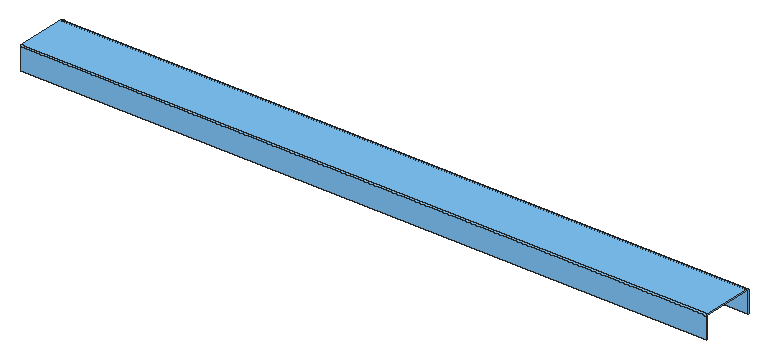
Revit family "U BEAM", category Structural Framing, Revit 2020
Family settings
  Structural Framing Length Roundoff = 0.00 mm
  Section Shape = Not Defined
  Material for Model Behavior = Steel
  Always export as geometry = No
  OmniClass Number = 23.25.30.11.14.14
  OmniClass Title = Beams
  Always vertical = Yes
  Cut with Voids When Loaded = No
  Symbolic Representation = From Project Settings
  Shared = No
  Show family pre-cut in plan views = Yes
Parameters (values of type "44")
  t1 = 1.20 mm
  W = 0
  Structural Material [instance] = Metal - Light Gauge BLUE
  D = 40.00 mm
  B = 93.00 mm
  Assembly Code = "B10"
  Length [instance] = 1524.00 mm
  A = 0.00 in²
Types (86, lengths in mm): name | D | B
  33 | 40.00 | 93.00
  52 | 40.00 | 93.00
  53 | 40.00 | 93.00
  54 | 40.00 | 93.00
  55 | 40.00 | 93.00
  56 | 40.00 | 93.00
  57 | 40.00 | 93.00
  58 | 40.00 | 93.00
  59 | 40.00 | 93.00
  60 | 40.00 | 93.00
  61 | 40.00 | 93.00
  62 | 40.00 | 93.00
  63 | 40.00 | 93.00
  45 | 40.00 | 93.00
  46 | 40.00 | 93.00
  47 | 40.00 | 93.00
  68 | 56.00 | 153.00
  70 | 56.00 | 153.00
  73 | 56.00 | 153.00
  76 | 56.00 | 153.00
  79 | 56.00 | 153.00
  78 | 56.00 | 153.00
  10 | 40.00 | 93.00
  11 | 40.00 | 93.00
  40 | 40.00 | 93.00
  41 | 40.00 | 93.00
  65 | 40.00 | 93.00
  48 | 40.00 | 93.00
  49 | 40.00 | 93.00
  50 | 40.00 | 93.00
  51 | 40.00 | 93.00
  12 | 40.00 | 93.00
  69 | 56.00 | 153.00
  75 | 56.00 | 153.00
  1 | 56.00 | 153.00
  3 | 40.00 | 93.00
  15 | 40.00 | 93.00
  22 | 40.00 | 93.00
  23 | 40.00 | 93.00
  43 | 40.00 | 93.00
  81 | 40.00 | 93.00
  83 | 40.00 | 93.00
  66 | 56.00 | 153.00
  67 | 56.00 | 153.00
  72 | 56.00 | 153.00
  74 | 56.00 | 153.00
  71 | 56.00 | 153.00
  77 | 56.00 | 153.00
  7 | 40.00 | 93.00
  8 | 40.00 | 93.00
  9 | 40.00 | 93.00
  16 | 40.00 | 93.00
  21 | 40.00 | 93.00
  42 | 40.00 | 93.00
  82 | 40.00 | 93.00
  86 | 40.00 | 93.00
  18 | 40.00 | 93.00
  19 | 40.00 | 93.00
  20 | 40.00 | 93.00
  26 | 40.00 | 93.00
  27 | 40.00 | 93.00
  28 | 40.00 | 93.00
  29 | 40.00 | 93.00
  30 | 40.00 | 93.00
  31 | 40.00 | 93.00
  32 | 40.00 | 93.00
  34 | 40.00 | 93.00
  35 | 40.00 | 93.00
  36 | 40.00 | 93.00
  37 | 40.00 | 93.00
  38 | 40.00 | 93.00
  64 | 40.00 | 93.00
  2 | 70.00 | 153.00
  13 | 40.00 | 93.00
  24 | 40.00 | 93.00
  25 | 40.00 | 93.00
  80 | 40.00 | 93.00
  84 | 40.00 | 93.00
  39 | 40.00 | 93.00
  4 | 40.00 | 93.00
  5 | 40.00 | 93.00
  6 | 40.00 | 93.00
  14 | 40.00 | 93.00
  17 | 40.00 | 93.00
  85 | 40.00 | 93.00
  44 | 40.00 | 93.00
Reference planes
  plane 1 "Center (Front/Back)": y = 0
  plane 2: z = 0
  plane 3 "Center (Left/Right)": x = 0.008
  plane 4 "Member Left": x = -604.99
  plane 5 "Member Right": x = 614.21
  plane 6 "Top": z = 40
  plane 7 "Left": x = -731.99
  plane 8 "Right": x = 792.01
  plane 9: y = -46.5
  plane 10: y = 46.5
Forms (mm)
  Sweep 1, solid, material "Metal - Light Gauge BLUE" <- "Structural Material", detail levels medium
    path origin (0, 34.147, 40) x (0, -1, 0) y (1, 0, 0)
      loop
        line (0.016, 614.21) -> (0.016, -604.99)
    profile origin (4.61, 34.131, 40) x (0, -1, 0) y (0, 0, 1)
      loop
        line (-12.369, -40) -> (-11.169, -40) -> (-11.169, -1.2) -> (79.431, -1.2) -> (79.431, -40) -> (80.631, -40) -> (80.631, 0) -> (-12.369, 0) -> (-12.369, -40)
  Sweep 2, solid, material "Metal - Light Gauge BLUE" <- "Structural Material", detail levels fine
    path origin (0, 34.147, 40) x (0, -1, 0) y (1, 0, 0)
      loop
        line (-12.353, 614.21) -> (-12.353, -604.99)
    profile origin (4.61, 46.5, 40) x (0, -1, 0) y (0, 0, 1)
      loop
        line (0, -40) -> (1.2, -40) -> (1.2, -1.994)
        arc (1.2, -1.994) -> (1.432, -1.432) -> (1.994, -1.2) r 0.794
        line (1.994, -1.2) -> (91.006, -1.2)
        arc (91.006, -1.2) -> (91.568, -1.432) -> (91.8, -1.994) r 0.794
        line (91.8, -1.994) -> (91.8, -40) -> (93, -40) -> (93, -1.994)
        arc (93, -1.994) -> (92.416, -0.584) -> (91.006, 0) r 1.994
        line (91.006, 0) -> (1.994, 0)
        arc (1.994, 0) -> (0.584, -0.584) -> (0, -1.994) r 1.994
        line (0, -1.994) -> (0, -40)
Lines and regions (mm)
  symbolic lines, style "Hidden Faces", detail levels medium+fine
    curve 1: line (-604.99, 45.706, 0) -> (614.21, 45.706, 0)
    curve 2: line (-604.99, 4.763, 1.2) -> (614.21, 4.763, 1.2)
    curve 3: line (-604.99, -45.3, 0) -> (614.21, -45.3, 0)
  symbolic lines, style "Stick Symbols", detail levels coarse
    curve 4: line (-731.99, 46.5, 0) -> (-731.99, 46.5, 40)
    curve 5: line (-731.99, 46.5, 40) -> (-731.99, -46.5, 40)
    curve 6: line (-731.99, -46.5, 40) -> (-731.99, -46.5, 0)
Dimensions and locks
  "Length": plane 7 "Left" to plane 8 "Right"
  "D": level to plane 6 "Top"
  "B": plane 10 to plane 9
  equal spacing: plane 10, plane 1 "Center (Front/Back)", plane 9
  "t1": Sweep 1 sketch curve to Sweep 1 sketch curve  (x3)
  "t1": Sweep 2 sketch curve to Sweep 2 sketch curve  (x3)
  aligned and locked: plane 4 "Member Left" to curve 1
  aligned and locked: plane 4 "Member Left" to curve 3
  aligned and locked: plane 5 "Member Right" to curve 1
  aligned and locked: plane 5 "Member Right" to curve 3
  aligned and locked: plane 4 "Member Left" to curve 2
  aligned and locked: plane 5 "Member Right" to curve 2
  aligned and locked: Sweep 1 to Sweep 1
  aligned and locked: Sweep 2 to Sweep 2
  aligned and locked: Sweep 1 sketch curve to plane 9
  aligned and locked: plane 10 to Sweep 1 sketch curve
  aligned and locked: Sweep 1 sketch curve to profile plane
  aligned and locked: Sweep 1 sketch curve to plane 2
  aligned and locked: plane 2 to Sweep 1 sketch curve
  aligned and locked: Sweep 2 sketch curve to Sweep 1  (x3)
Automatic sketch dimensions
  curve 3 to plane 9 = 1.20 mm
  plane 10 to curve 1 = 0.794 mm
  level to curve 2 = 1.20 mm
  level to curve 4 = 40.00 mm
  curve 4 to plane 10 = 0.00 mm
  curve 6 to plane 9 = 0.00 mm
  curve 4 to level = 0.00 mm
  curve 6 to level = 0.00 mm
  Sweep 1 sketch curve to plane 4 "Member Left" = 0.00 mm
  Sweep 1 sketch curve to plane 5 "Member Right" = 0.00 mm
  plane 10 to Sweep 1 sketch curve = 12.369 mm
  Sweep 2 sketch curve to plane 4 "Member Left" = 0.00 mm
  plane 10 to Sweep 2 sketch curve = 0.00 mm
  Sweep 2 sketch curve to plane 5 "Member Right" = 0.00 mm
  Sweep 2 sketch curve to Sweep 2 sketch curve = 0.00 mm  (x2)
  Sweep 2 sketch curve to profile plane = 1.994 mm
  Sweep 2 sketch curve to Sweep 2 sketch curve = 38.006 mm  (x2)
  Sweep 2 sketch curve to Sweep 2 sketch curve = 0.794 mm
